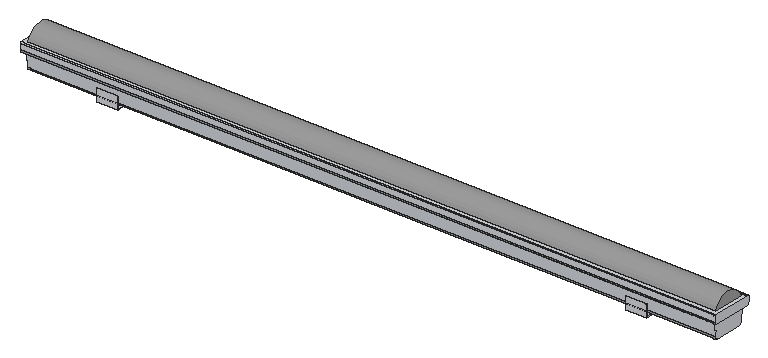
Revit family "0010269", category Lighting Fixtures, host Face, Revit 2017 (continued)
Types (60, lengths in mm): name | Weight | Wattage | TypeName | built-in parameter 1150134 | Photometric Web File | PowerFactor | PowerConsumption | NominalLength | Name | ModelReference | ModelNumber | Model | LuminousEfficacy | built-in parameter 1150105 | Lumens | LampNominalLuminous | LampMacAdamStep | LampColourTemperature | LENGHT_SYL | LENGHT_CHAMFER_SYL | LENGHT-_SYL | LENGHT-_CHAMFER_SYL | L0650_SYL | L1500_SYL | L1200_SYL | built-in parameter 1150107 | built-in parameter 1150106 | built-in parameter 1150104 | DocumentationLiterature | Description | BRACKET_WIDTH_SYL | BRACKET_DIST_SYL | Apparent Load
  0010215 RESISTO 1200 IP66 4800LM 840 QC | "1.61 kg" | 35 W | "Resisto  1200 IP66 4800lm 840 QC" | 12 | "0010215.ies" | 0.95 | "35 W" | 1212 | "Resisto  1200 IP66 4800lm 840 QC" | "Resisto  1200 IP66 4800lm 840 QC" | "0010215" | "Resisto  1200 IP66 4800lm 840 QC" | "137 lm/W" | 1583.6 (stored number, unit not read) | 4795 lm | "4800 lm" | "5" | "4000 K" | 592 | 600 | -592 | -600 | no | no | yes | 4000 (stored number, unit not read) | 15.836 (stored number, unit not read) | 12.728 (stored number, unit not read) | "http://www.sylvania-lighting.com/product/en-int/products/0010215" | "Resisto, integrated LED weatherproof luminaire, with UV stabilized flat diffuser designed to achieve uniform lit appearance, optimise light output and to reduce glare. 301 stainless steel diffuser clips and fixing brackets for surface mounting. Polycarbonate housing and diffuser - no yellow discolouration over time. 4800lm; 35W; 137lm/W; 4000K; SDCM<5; non dimmable; CRI80; IP66; IK08; Class I; 69,000hrs (L80B20) lifespan; 1200mm x 89mm x 88mm; D-mark; assembled with quick connector." | 400 | 444 | 35 VA
  0010214 RESISTO 1200 IP66 2800LM 840 QC | "1.57 kg" | 21 W | "Resisto  1200 IP66 2800lm 840 QC" | 12 | "0010214.ies" | 0.95 | "21 W" | 1212 | "Resisto  1200 IP66 2800lm 840 QC" | "Resisto  1200 IP66 2800lm 840 QC" | "0010214" | "Resisto  1200 IP66 2800lm 840 QC" | "133 lm/W" | 917.95 (stored number, unit not read) | 2793 lm | "2800 lm" | "5" | "4000 K" | 592 | 600 | -592 | -600 | no | no | yes | 4000 (stored number, unit not read) | 9.1795 (stored number, unit not read) | 12.356 (stored number, unit not read) | "http://www.sylvania-lighting.com/product/en-int/products/0010214" | "Resisto, integrated LED weatherproof luminaire, with UV stabilized flat diffuser designed to achieve uniform lit appearance, optimise light output and to reduce glare. 301 stainless steel diffuser clips and fixing brackets for surface mounting. Polycarbonate housing and diffuser - no yellow discolouration over time. 2800lm; 21W; 133lm/W; 4000K; SDCM<5; non dimmable; CRI80; IP66; IK08; Class I; 69,000hrs (L80B20) lifespan; 1200mm x 89mm x 88mm; D-mark; assembled with quick connector." | 400 | 444 | 21 VA
  0010213 RESISTO 1200 IP66 4800LM 865 | "1.54 kg" | 35 W | "Resisto  1200 IP66 4800lm 865" | 1 | "0010213.ies" | 0.95 | "35 W" | 1200 | "Resisto  1200 IP66 4800lm 865" | "Resisto  1200 IP66 4800lm 865" | "0010213" | "Resisto  1200 IP66 4800lm 865" | "137 lm/W" | 1583.6 (stored number, unit not read) | 4795 lm | "4800 lm" | "5" | "6500 K" | 592 | 600 | -592 | -600 | no | no | yes | 6500 (stored number, unit not read) | 15.836 (stored number, unit not read) | 12.728 (stored number, unit not read) | "http://www.sylvania-lighting.com/product/en-int/products/0010213" | "Resisto, integrated LED weatherproof luminaire, with UV stabilized flat diffuser designed to achieve uniform lit appearance, optimise light output and to reduce glare. 301 stainless steel diffuser clips and fixing brackets for surface mounting. Polycarbonate housing and diffuser - no yellow discolouration over time. 4800lm; 35W; 137lm/W; 6500K; SDCM<5; non dimmable; CRI80; IP66; IK08; Class I; 69,000hrs (L80B20) lifespan; 1200mm x 89mm x 88mm; D-mark." | 400 | 444 | 35 VA
  0010212 RESISTO 1200 IP66 2800LM 865 | "1.5 kg" | 21 W | "Resisto  1200 IP66 2800lm 865" | 1 | "0010212.ies" | 0.95 | "21 W" | 1200 | "Resisto  1200 IP66 2800lm 865" | "Resisto  1200 IP66 2800lm 865" | "0010212" | "Resisto  1200 IP66 2800lm 865" | "133 lm/W" | 917.95 (stored number, unit not read) | 2793 lm | "2800 lm" | "5" | "6500 K" | 592 | 600 | -592 | -600 | no | no | yes | 6500 (stored number, unit not read) | 9.1795 (stored number, unit not read) | 12.356 (stored number, unit not read) | "http://www.sylvania-lighting.com/product/en-int/products/0010212" | "Resisto, integrated LED weatherproof luminaire, with UV stabilized flat diffuser designed to achieve uniform lit appearance, optimise light output and to reduce glare. 301 stainless steel diffuser clips and fixing brackets for surface mounting. Polycarbonate housing and diffuser - no yellow discolouration over time. 2800lm; 21W; 133lm/W; 6500K; SDCM<5; non dimmable; CRI80; IP66; IK08; Class I; 69,000hrs (L80B20) lifespan; 1200mm x 89mm x 88mm; D-mark." | 400 | 444 | 21 VA
  0010211 RESISTO 1200 IP66 4800LM 840 | "11.88 kg" | 35 W | "Resisto  1200 IP66 4800lm 840" | 12 | "0010211.ies" | 0.95 | "35.0 W" | 1200 | "Resisto  1200 IP66 4800lm 840" | "Resisto  1200 IP66 4800lm 840" | "0010211" | "Resisto  1200 IP66 4800lm 840" | "137 lm/W" | -7601417.6 (stored number, unit not read) | 4795 lm | "4800 lm" | "5" | "4000 K" | 592 | 600 | -592 | -600 | no | no | yes | 4000 (stored number, unit not read) | -76014.2 (stored number, unit not read) | 12.728 (stored number, unit not read) | "http://www.sylvania-lighting.com/product/en-int/products/0010211" | "Resisto, integrated LED weatherproof luminaire, with UV stabilized flat diffuser designed to achieve uniform lit appearance, optimise light output and to reduce glare. 301 stainless steel diffuser clips and fixing brackets for surface mounting. Polycarbonate housing and diffuser - no yellow discolouration over time. 4800lm; 35W; 137lm/W; 4000K; SDCM<5; non dimmable; CRI80; IP66; IK08; Class I; 69,000hrs (L80B20) lifespan; 1200mm x 89mm x 88mm; D-mark." | 400 | 444 | 35 VA
  0010210 RESISTO 1200 IP66 2800LM 840 | "11.88 kg" | 21 W | "Resisto  1200 IP66 2800lm 840" | 12 | "0010210.ies" | 0.95 | "21.0 W" | 1200 | "Resisto  1200 IP66 2800lm 840" | "Resisto  1200 IP66 2800lm 840" | "0010210" | "Resisto  1200 IP66 2800lm 840" | "133 lm/W" | -2570258.2 (stored number, unit not read) | 2793 lm | "2800 lm" | "5" | "4000 K" | 592 | 600 | -592 | -600 | no | no | yes | 4000 (stored number, unit not read) | -25702.6 (stored number, unit not read) | 12.356 (stored number, unit not read) | "http://www.sylvania-lighting.com/product/en-int/products/0010210" | "Resisto, integrated LED weatherproof luminaire, with UV stabilized flat diffuser designed to achieve uniform lit appearance, optimise light output and to reduce glare. 301 stainless steel diffuser clips and fixing brackets for surface mounting. Polycarbonate housing and diffuser - no yellow discolouration over time. 2800lm; 21W; 133lm/W; 4000K; SDCM<5; non dimmable; CRI80; IP66; IK08; Class I; 69,000hrs (L80B20) lifespan; 1200mm x 89mm x 88mm; D-mark." | 400 | 444 | 21 VA
  0010209 RESISTO 1200 IP66 4800LM 830 | "1.54 kg" | 35 W | "Resisto  1200 IP66 4800lm 830" | (empty or 0) | "0010209.ies" | 0.95 | "35 W" | 1200 | "Resisto  1200 IP66 4800lm 830" | "Resisto  1200 IP66 4800lm 830" | "0010209" | "Resisto  1200 IP66 4800lm 830" | "137 lm/W" | 1583.6 (stored number, unit not read) | 4795 lm | "4800 lm" | "5" | "3000 K" | 592 | 600 | -592 | -600 | no | no | yes | 3000 (stored number, unit not read) | 15.836 (stored number, unit not read) | 12.728 (stored number, unit not read) | "http://www.sylvania-lighting.com/product/en-int/products/0010209" | "Resisto, integrated LED weatherproof luminaire, with UV stabilized flat diffuser designed to achieve uniform lit appearance, optimise light output and to reduce glare. 301 stainless steel diffuser clips and fixing brackets for surface mounting. Polycarbonate housing and diffuser - no yellow discolouration over time. 4800lm; 35W; 137lm/W; 3000K; SDCM<5; non dimmable; CRI80; IP66; IK08; Class I; 69,000hrs (L80B20) lifespan; 1200mm x 89mm x 88mm; D-mark." | 400 | 444 | 35 VA
  0010208 RESISTO 1200 IP66 2800LM 830 | "1.5 kg" | 21 W | "Resisto  1200 IP66 2800lm 830" | (empty or 0) | "0010208.ies" | 0.95 | "21 W" | 1200 | "Resisto  1200 IP66 2800lm 830" | "Resisto  1200 IP66 2800lm 830" | "0010208" | "Resisto  1200 IP66 2800lm 830" | "133 lm/W" | 917.95 (stored number, unit not read) | 2793 lm | "2800 lm" | "5" | "3000 K" | 592 | 600 | -592 | -600 | no | no | yes | 3000 (stored number, unit not read) | 9.1795 (stored number, unit not read) | 12.356 (stored number, unit not read) | "http://www.sylvania-lighting.com/product/en-int/products/0010208" | "Resisto, integrated LED weatherproof luminaire, with UV stabilized flat diffuser designed to achieve uniform lit appearance, optimise light output and to reduce glare. 301 stainless steel diffuser clips and fixing brackets for surface mounting. Polycarbonate housing and diffuser - no yellow discolouration over time. 2800lm; 21W; 133lm/W; 3000K; SDCM<5; non dimmable; CRI80; IP66; IK08; Class I; 69,000hrs (L80B20) lifespan; 1200mm x 89mm x 88mm; D-mark." | 400 | 444 | 21 VA
  0010207 RESISTO 600 HE IP66 2500LM 840 | "0.96 kg" | 16 W | "Resisto  600 HE IP66 2500lm 840" | 12 | "0010207.ies" | 0.95 | "16 W" | 650 | "Resisto  600 HE IP66 2500lm 840" | "Resisto  600 HE IP66 2500lm 840" | "0010207" | "Resisto  600 HE IP66 2500lm 840" | "156 lm/W" | 829.02 (stored number, unit not read) | 2496 lm | "2500 lm" | "3" | "4000 K" | 317 | 325 | -317 | -325 | yes | no | no | 4000 (stored number, unit not read) | 8.2902 (stored number, unit not read) | 14.493 (stored number, unit not read) | "http://www.sylvania-lighting.com/product/en-int/products/0010207" | "Resisto, integrated LED weatherproof luminaire, with UV stabilized flat diffuser designed to achieve uniform lit appearance, optimise light output and to reduce glare. 301 stainless steel diffuser clips and fixing brackets for surface mounting. Polycarbonate housing and diffuser - no yellow discolouration over time. 2500lm; 16W; 156lm/W; 4000K; SDCM<3; non dimmable; CRI80; IP66; IK08; Class I; 69,000hrs (L80B20) lifespan; 650mm x 89mm x 88mm; D-mark." | 125 | 169 | 16 VA
  0010206 RESISTO 600 HE IP66 1400LM 840 | "0.88 kg" | 10 W | "Resisto  600 HE IP66 1400lm 840" | 12 | "0010206.ies" | 0.9 | "10 W" | 650 | "Resisto  600 HE IP66 1400lm 840" | "Resisto  600 HE IP66 1400lm 840" | "0010206" | "Resisto  600 HE IP66 1400lm 840" | "140 lm/W" | 479.25 (stored number, unit not read) | 1400 lm | "1400 lm" | "3" | "4000 K" | 317 | 325 | -317 | -325 | yes | no | no | 4000 (stored number, unit not read) | 4.7925 (stored number, unit not read) | 13.006 (stored number, unit not read) | "http://www.sylvania-lighting.com/product/en-int/products/0010206" | "Resisto, integrated LED weatherproof luminaire, with UV stabilized flat diffuser designed to achieve uniform lit appearance, optimise light output and to reduce glare. 301 stainless steel diffuser clips and fixing brackets for surface mounting. Polycarbonate housing and diffuser - no yellow discolouration over time. 1400lm; 10W; 140lm/W; 4000K; SDCM<3; non dimmable; CRI80; IP66; IK08; Class I; 69,000hrs (L80B20) lifespan; 650mm x 89mm x 88mm; D-mark." | 125 | 169 | 10 VA
  0010205 RESISTO 600 IP66 2500LM 865 | "0.88 kg" | 19 W | "Resisto  600 IP66 2500lm 865" | 1 | "0010205.ies" | 1 | "19 W" | 650 | "Resisto  600 IP66 2500lm 865" | "Resisto  600 IP66 2500lm 865" | "0010205" | "Resisto  600 IP66 2500lm 865" | "132 lm/W" | 833.01 (stored number, unit not read) | 2508 lm | "2500 lm" | "5" | "6500 K" | 317 | 325 | -317 | -325 | yes | no | no | 6500 (stored number, unit not read) | 8.3301 (stored number, unit not read) | 12.263 (stored number, unit not read) | "http://www.sylvania-lighting.com/product/en-int/products/0010205" | "Resisto, integrated LED weatherproof luminaire, with UV stabilized flat diffuser designed to achieve uniform lit appearance, optimise light output and to reduce glare. 301 stainless steel diffuser clips and fixing brackets for surface mounting. Polycarbonate housing and diffuser - no yellow discolouration over time. 2500lm; 19W; 132lm/W; 6500K; SDCM<5; non dimmable; CRI80; IP66; IK08; Class I; 69,000hrs (L80B20) lifespan; 650mm x 89mm x 88mm; D-mark." | 125 | 169 | 19 VA
  0010204 RESISTO 600 IP66 1600LM 865 | "0.88 kg" | 12 W | "Resisto  600 IP66 1600lm 865" | 1 | "0010204.ies" | 0.9 | "12 W" | 650 | "Resisto  600 IP66 1600lm 865" | "Resisto  600 IP66 1600lm 865" | "0010204" | "Resisto  600 IP66 1600lm 865" | "133 lm/W" | 546.34 (stored number, unit not read) | 1596 lm | "1600 lm" | "5" | "6500 K" | 317 | 325 | -317 | -325 | yes | no | no | 6500 (stored number, unit not read) | 5.4634 (stored number, unit not read) | 12.356 (stored number, unit not read) | "http://www.sylvania-lighting.com/product/en-int/products/0010204" | "Resisto, integrated LED weatherproof luminaire, with UV stabilized flat diffuser designed to achieve uniform lit appearance, optimise light output and to reduce glare. 301 stainless steel diffuser clips and fixing brackets for surface mounting. Polycarbonate housing and diffuser - no yellow discolouration over time. 1600lm; 12W; 133lm/W; 6500K; SDCM<5; non dimmable; CRI80; IP66; IK08; Class I; 69,000hrs (L80B20) lifespan; 650mm x 89mm x 88mm; D-mark." | 125 | 169 | 12 VA
  0010203 RESISTO 600 IP66 2500LM 840 | "10.2 kg" | 19 W | "Resisto  600 IP66 2500lm 840" | 12 | "0010203.ies" | 0.95 | "19.0 W" | 650 | "Resisto  600 IP66 2500lm 840" | "Resisto  600 IP66 2500lm 840" | "0010203" | "Resisto  600 IP66 2500lm 840" | "132 lm/W" | -2082492.7 (stored number, unit not read) | 2508 lm | "2500 lm" | "5" | "4000 K" | 317 | 325 | -317 | -325 | yes | no | no | 4000 (stored number, unit not read) | -20824.9 (stored number, unit not read) | 12.263 (stored number, unit not read) | "http://www.sylvania-lighting.com/product/en-int/products/0010203" | "Resisto, integrated LED weatherproof luminaire, with UV stabilized flat diffuser designed to achieve uniform lit appearance, optimise light output and to reduce glare. 301 stainless steel diffuser clips and fixing brackets for surface mounting. Polycarbonate housing and diffuser - no yellow discolouration over time. 2500lm; 19W; 132lm/W; 4000K; SDCM<5; non dimmable; CRI80; IP66; IK08; Class I; 69,000hrs (L80B20) lifespan; 650mm x 89mm x 88mm; D-mark." | 125 | 169 | 19 VA
  0010202 RESISTO 600 IP66 1600LM 840 | "10.2 kg" | 12 W | "Resisto  600 IP66 1600lm 840" | 12 | "0010202.ies" | 0.9 | "12.0 W" | 650 | "Resisto  600 IP66 1600lm 840" | "Resisto  600 IP66 1600lm 840" | "0010202" | "Resisto  600 IP66 1600lm 840" | "133 lm/W" | -874129.2 (stored number, unit not read) | 1596 lm | "1600 lm" | "5" | "4000 K" | 317 | 325 | -317 | -325 | yes | no | no | 4000 (stored number, unit not read) | -8741.3 (stored number, unit not read) | 12.356 (stored number, unit not read) | "http://www.sylvania-lighting.com/product/en-int/products/0010202" | "Resisto, integrated LED weatherproof luminaire, with UV stabilized flat diffuser designed to achieve uniform lit appearance, optimise light output and to reduce glare. 301 stainless steel diffuser clips and fixing brackets for surface mounting. Polycarbonate housing and diffuser - no yellow discolouration over time. 1600lm; 12W; 133lm/W; 4000K; SDCM<5; non dimmable; CRI80; IP66; IK08; Class I; 69,000hrs (L80B20) lifespan; 650mm x 89mm x 88mm; D-mark." | 125 | 169 | 12 VA
  0010279 RESISTO 1500 HE IP66 DALI 8300LM 840 | "2.01 kg" | 54 W | "Resisto 1500 HE IP66 DALI 8300lm 840" | 12 | "0010279.ies" | 0.99 | "54 W" | 1500 | "Resisto 1500 HE IP66 DALI 8300lm 840" | "Resisto 1500 HE IP66 DALI 8300lm 840" | "0010279" | "Resisto 1500 HE IP66 DALI 8300lm 840" | "154 lm/W" | 2773 (stored number, unit not read) | 8316 lm | "8300 lm" | "3" | "4000 K" | 742 | 750 | -742 | -750 | no | yes | no | 4000 (stored number, unit not read) | 27.73 (stored number, unit not read) | 14.307 (stored number, unit not read) | "http://www.sylvania-lighting.com/product/en-int/products/0010279" | "Resisto, integrated LED weatherproof luminaire, with UV stabilized flat diffuser designed to achieve uniform lit appearance, optimise light output and to reduce glare. 301 stainless steel diffuser clips and fixing brackets for surface mounting. Polycarbonate housing and diffuser - no yellow discolouration over time. 8300lm; 54W; 154lm/W; 4000K; SDCM<3; DALI dimmable; CRI80; IP66; IK08; Class I; 69,000hrs (L80B20) lifespan; 1500mm x 89mm x 88mm; D-mark." | 550 | 594 | 54 VA
